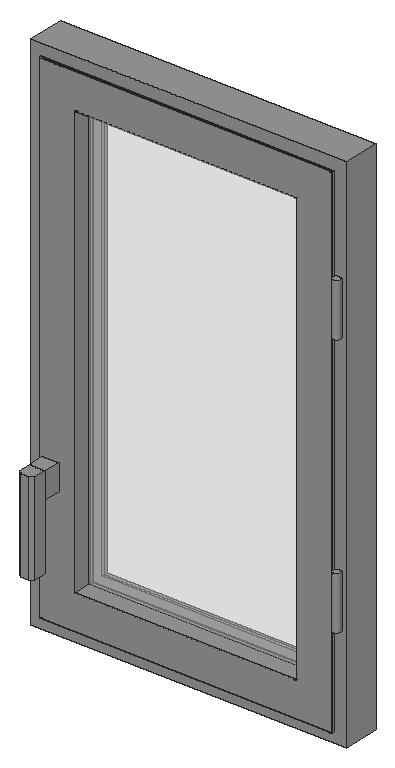
Revit family "2015_Ventana_Alueuropa_Q77_1-Hoja_Practicable-Oscilobatiente", category Windows, host Wall, Revit 2015
Parameters (values of type "600x1000 mm Practicable")
  𝑙𝑔 = 2512
  𝑈𝑤 = ((𝐴𝑔 * 𝑈𝑔) + (𝐴𝑓 * 𝑈𝑓) + ((𝑙𝑔 * Y𝑔) * 1000)) / (𝐴𝑔 + 𝐴𝑓)  # 3.0683
  𝑈𝑔 = 1.9  # constant formula
  𝑈𝑓 = 3.629  # constant formula
  𝐴𝑔 = 354384
  𝐴𝑓 = 245616
  Y𝑔 = 0.11  # constant formula
  VidaUtilEsperada = ""
  VersionElementoBIM = "1.0"  # constant formula
  UnidadMedicion = ""
  UnidadMantenimiento = ""
  Unidad = ""
  Uniclass2.0Titulo = "Door and window systems"  # constant formula
  Uniclass2.0Codigo = "25-30"  # constant formula
  URLProducto = "http://www.alueuropa.com/wp-content/uploads/2013/06/PERFILES-con-menos-foto-pies-de-pagina-en-franc%C3%A9s-10-3.pdf"
  URL Poliamida - Catálogo = "http://www.technoform.com/fileadmin/Technoform_Bautec/standardprofiles.html"
  URL Poliamida = "http://www.technoform.es/"
  URL = "http://www.alueuropa.com/"
  UNSPSCTitulo = "Windows"  # constant formula
  UNSPSCCodigo = "30171600"  # constant formula
  TransmitanciaTermica = 0.0000 W/(m²·K)
  TrabajoMantenimiento = ""
  TipoEmbalajeProteccion = ""
  TiempoMedioEntreFallos = ""
  TelefonoContacto = "+34 91 8955800"  # constant formula
  SalidaEmergencia = no
  ResistenciaFuego = ""
  ResistenciaAlViento = ""
  ResiduosPeligrososPorUnidad = 0
  ResiduosPeligrosos = 0
  ResiduosNoPeligrososPorUnidad = 0
  ResiduosNoPeligrosos = 0
  ResiduoRadioactivoPorUnidad = 0
  ResiduoRadioactivo = 0
  ResiduoInertePorUnidad = 0
  ResiduoInerte = 0
  RepisaInterior = yes
  RepisaExterior = yes
  ReferenciaUnidadFuncional = ""
  ReferenciaLote = ""
  ReferenciaContacto = "Alueuropa S.A."  # constant formula
  Referencia = ""
  PuntoDeContacto = ""
  Proyección Apertura = yes
  Practicable = yes
  Poliamida = Poliamida, Technoform Bautec, PA66 GF 25
  PermeabilidadAlAire = ""
  PeriodoGarantia = ""
  Perimetro = (Width / 1.00 mm * 2) + (Height / 1.00 mm * 2)  # 3200
  Oscilobatiente = no
  Operation = "Practicable"
  OmniclassTitulo = "Casment Window"  # constant formula
  OmniclassCodigo = "23.30.20.17.21.21"  # constant formula
  NumeroSerie = ""
  NumeroArticuloGlobalComercial = ""
  NumeroArticulo = ""
  NormativaMantenimiento = ""
  NivelSeguridad = ""
  Motorizada = no
  Model = "Q77 Practicable"
  MaterialEnvase = ""
  MaterialContenedor = ""
  MateriaPrima = 0
  MasterformatTitulo = "Aluminium Windows"  # constant formula
  MasterformatCodigo = "08 51 13"  # constant formula
  MasaSuperficialKgm2 = 0
  Marco = Aluminio
  Manija = yes
  LugarEnsamblaje = ""
  InstruccionesEspeciales = ""
  InformacionTecnica = "http://www.alueuropa.com/products/"
  IndiceGlobalRedAcusticaTr = ""
  IndiceGlobalRedAcustica = ""
  IdentificadorGarantia = ""
  IFCClasificacion = ""
  GrosorMarco = 77.00 mm  # constant formula
  GarantiaExtendida = ""
  FrecuenciaMantenimiento = ""
  FraccionAreaAcristalamiento = 0.00%
  FormacionFotoquimicaOzonoPorUnidad = 0
  FormacionFotoquimicaOzono = 0
  FechaVencimientoElementoBIM = "23/08/2017"  # constant formula
  FechaInstalacion = ""
  FechaInicioGarantia = ""
  FechaFinGarantia = ""
  FechaEvaluacion = ""
  FechaEmisionElementoBIM = "23/08/2016"  # constant formula
  FechaCompra = ""
  FaseCicloVida = ""
  FaltaDeRecursosPorUnidad = 0
  FaltaDeRecursos = 0
  FactorSombra = 0
  FactorSolarModificado = 3000000
  Manufacturer = "Alueuropa S.A."  # constant formula
  Exclusiones = ""
  EutrofizacionPorUnidad = 0
  Eutrofizacion = 0
  EtiquetaModelo = ""
  EstanqueidadAgua = ""
  Estado = ""
  EnergiaRenovableConsumidaPorUnidad = 0
  EnergiaRenovableConsumida = 0
  EnergiaPrimariaTotalConsumidaPorUnidad = 0
  EnergiaPrimariaTotalConsumida = 0
  EnergiaNoRenovableConsumidaPorUnidad = 0
  EnergiaNoRenovableConsumida = 0
  EmisionCO2 = 0
  EmailContacto = "ventas@alueuropa.com"  # constant formula
  DuracionVidaUtil = ""
  Detalle Perfileria = yes
  DestruccionCapaOzonoEstratosfericaPorUnidad = 0
  DestruccionCapaOzonoEstratosferica = 0
  DesfaseInterior [instance] = 0.00 mm
  DesfaseExterior [instance] = 0.00 mm
  Desfase Acristalamiento = 13.00 mm  # constant formula
  Description = "Ventana Practicable"
  DescripcionEvaluacion = ""
  CosteMantenimiento = 0
  CosteEnergeticoMj = 0 J
  CosteEnergeticoKwh = 0
  ControlHumos = no
  ContenidoGarantia = ""
  ConfiguracionPoliamidas = "273800 - 493700 - 493800 "  # constant formula
  CondicionesMantenimiento = ""
  CondicionesGeneralesDeContratacion = ""
  CondicionesEvaluacion = ""
  Type Comments = "Sistema de Ventana con Rotura de Puente Térmico Q77 Practicable."
  CodigoBedec = ""
  CodigoBarras = ""
  CertificadoMantenimiento = ""
  CerramientoExterior = yes
  CambioClimaticoPorUnidad = 0
  CambioClimatico = 0
  COBieCategoria = ""
  Rough Width = Altura Real + 5.00 mm  # 1005.00 mm
  Aperturas Oscilobatiente [instance] = if(and(Aperturas, Oscilobatiente), 1 = 1, 1 = 0)  # no
  Aperturas [instance] = yes
  Anchura Real = if(Width > Anchura Máxima, Anchura Máxima, Width)  # 600.00 mm
  Anchura Máxima = 5000.00 mm  # constant formula
  Rough Height = Anchura Real + 5.00 mm  # 605.00 mm
  Altura Real = if(Height > Altura Máxima, Altura Máxima, Height)  # 1000.00 mm
  Altura Máxima = 5000.00 mm  # constant formula
  GrosorAcristalamiento = 30.00 mm  # constant formula
  Height = 1000.00 mm
  Bimetica = "http://www.bimetica.com"
  AñoProduccion = ""
  Autor = "Bimetica Parametric Design Services, S.L."  # constant formula
  Area = (Width * Height)  # 600000.00 mm²
  Altura de antepecho por defecto = 800.00 mm
  Wall Closure = By host
  Width = 600.00 mm
  AguaConsumidaPorUnidad = 0
  AguaConsumida = 0
  Acristalamiento = Cristal - Vidrio claro templado
  AcidificacionAtmosfericaPorUnidad = 0
  AcidificacionAtmosferica = 0
  Acabado = ""
Types (3, lengths in mm): name | Oscilobatiente | Operation | Model | Description | Type Comments | Aperturas Oscilobatiente
  (no name) | no | "Practicable" | "Q77 Practicable" | "Ventana Practicable" | "Sistema de Ventana con Rotura de Puente Térmico Q77 Practicable." | no
  600x1000 mm Practicable | no | "Practicable" | "Q77 Practicable" | "Ventana Practicable" | "Sistema de Ventana con Rotura de Puente Térmico Q77 Practicable." | no
  600x1000 mm Oscilobatiente | yes | "Oscilobatiente" | "Q77 Oscilobatiente" | "Ventana Oscilobatiente" | "Sistema de Ventana con Rotura de Puente Térmico Q77 Oscilobatiente." | yes
Reference planes
  plane 1 "Centro (Frontal/Posterior)": y = 444.549
  plane 2 "Centro (Izquierda/Derecha)": x = 0
  plane 3 "Izquierda": x = -300
  plane 4 "Derecha": x = 300
  plane 5 "Antepecho": z = 800
  plane 6 "Extremo inicial": z = 1800
  plane 7 "Exterior": y = 521.549
  plane 8 "Interior": y = 521.549
  plane 9 "Media Altura": z = 1300
Forms (mm)
  Sweep 1, solid, material "Aluminio" <- "Marco"
    path origin (0, 521.549, 0) x (1, 0, 0) y (0, 0, 1)
      loop
        line (300, 800) -> (300, 1800) -> (-300, 1800) -> (-300, 800) -> (300, 800)
    profile origin (300, 521.549, 1300) x (-1, 0, 0) y (0, -1, 0)
      loop
        line (0, 0) -> (49.297, 0) -> (49.297, 3.5) -> (27.4, 3.5) -> (27.4, 70) -> (0, 70) -> (0, 0)
  Extrusion 2, solid, material "Cristal - Vidrio claro templado" <- "Acristalamiento"
    sketch origin (0, 521.549, 0) x (1, 0, 0) y (0, 0, 1)
      loop
        line (228.01, 1727.9) -> (-228.01, 1727.9) -> (-228.01, 871.99) -> (228.01, 871.99) -> (228.01, 1727.9)
    from 43 to 13
  Sweep 3, solid, material "Aluminio" <- "Marco"
    path origin (0, 521.549, 0) x (1, 0, 0) y (0, 0, 1)
      loop
        line (-300, 800) -> (300, 800) -> (300, 1800) -> (-300, 1800) -> (-300, 800)
    profile origin (-300, 521.549, 1300) x (-1, 0, 0) y (0, -1, 0)
      loop
        line (-54.3, 0) -> (-54.3, 5.8) -> (-50.582, 5.8) -> (-49.472, 4.8) -> (-45.478, 4.8) -> (-45.478, 6.346) -> (-47.2, 6.346) -> (-47.2, 48.1) -> (-38.9, 48.1) -> (-38.9, 73.5) -> (-21.4, 73.5) -> (-21.4, 76)
        arc (-21.4, 76) -> (-21.692, 76.706) -> (-22.398, 77) r 1
        line (-22.398, 77) -> (-88.599, 77)
        arc (-88.599, 77) -> (-88.953, 76.853) -> (-89.1, 76.5) r 0.5
        line (-89.1, 76.5) -> (-89.1, 43.5)
        arc (-89.1, 43.5) -> (-88.953, 43.147) -> (-88.637, 43) r 0.5
        line (-88.637, 43) -> (-86.603, 43) -> (-86.603, 60.6) -> (-67.178, 60.6) -> (-67.178, 55.89) -> (-62.1, 55.89) -> (-62.1, 8.218) -> (-73.921, 8.218) -> (-73.921, 13) -> (-89.1, 13) -> (-89.1, 6) -> (-88.785, 0) -> (-54.3, 0)
  Extrusion 4, solid, material "Aluminio" <- "Marco", visible <- "Manija", detail levels fine
    sketch origin (0, 0, 800) x (0, -1, 0) y (1, 0, 0)
      loop
        line (-444.549, -241.1) -> (-444.549, -273.1) -> (-412.449, -271.35) -> (-412.449, -270.032) -> (-411.446, -270.032) -> (-411.446, -244.1) -> (-412.449, -244.1) -> (-412.449, -242.782) -> (-444.549, -241.1)
    from 250 to 300
  Extrusion 5, solid, material "Aluminio" <- "Marco", visible <- "Manija", detail levels fine
    sketch origin (0, 0, 800) x (0, -1, 0) y (1, 0, 0)
      loop
        line (-411.446, -271.295) -> (-388.796, -271.295) -> (-382.327, -264.827) -> (-382.327, -249.303) -> (-388.796, -242.835) -> (-411.446, -242.835) -> (-411.446, -271.295)
    from 125 to 300
  Extrusion 6, solid, material "Aluminio" <- "Marco", detail levels medium+fine
    sketch origin (0, 0, 800) x (0, -1, 0) y (1, 0, 0)
      loop
        line (-449.674, 291.378) -> (-451.549, 287.989) -> (-451.549, 280.989) -> (-443.549, 280.989)
        arc (-443.549, 280.989) -> (-437.519, 291.544) -> (-449.674, 291.378) r 7
    from 200 to 300
  Extrusion 7, solid, material "Aluminio" <- "Marco", visible <- "Manija", detail levels medium+fine
    sketch origin (0, 0, 800) x (0, -1, 0) y (1, 0, 0)
      loop
        line (-449.674, 291.378) -> (-451.549, 287.989) -> (-451.549, 280.989) -> (-443.549, 280.989)
        arc (-443.549, 280.989) -> (-437.519, 291.544) -> (-449.674, 291.378) r 7
    from 200 to 300
  Extrusion 8, solid, material "Aluminio" <- "Marco", visible <- "Manija", detail levels medium+fine
    sketch origin (0, 0, 1800) x (0, 1, 0) y (1, 0, 0)
      loop
        arc (449.674, 291.378) -> (437.519, 291.544) -> (443.549, 280.989) r 7
        line (443.549, 280.989) -> (451.549, 280.989) -> (451.549, 287.989) -> (449.674, 291.378)
    from 200 to 300
Lines and regions (mm)
  Opening 1
    outline origin (-5187.24, 321.549, 0) x (1, 0, 0) y (0, 0, 1)
      loop
        line (5487.24, 800) -> (5487.24, 1800) -> (4887.24, 1800) -> (4887.24, 800) -> (5487.24, 800)
  reference lines
    curve 1: line (0, 521.549, 800) -> (0, 444.549, 800)
  symbolic lines, style "Batiente de alzado", visible <- "Aperturas Oscilobatiente"
    curve 2: line (280, 521.549, 820) -> (0, 521.549, 1780)
    curve 3: line (0, 521.549, 1780) -> (-280, 521.549, 820)
  symbolic lines, style "WindowsGlassProjection", detail levels fine
    curve 4: line (-228.01, 500.549, 1300) -> (228.01, 500.549, 1300)
    curve 5: line (-228.01, 484.549, 1300) -> (228.01, 484.549, 1300)
  symbolic lines, style "Batiente de alzado", visible <- "Aperturas"
    curve 6: line (300, 521.549, 1800) -> (-300, 521.549, 1300)
    curve 7: line (-300, 521.549, 1300) -> (300, 521.549, 800)
  symbolic lines, style "WindowsGlassProjection", detail levels medium+fine
    curve 8: line (-300, 500.549, 1727.9) -> (-300, 500.549, 871.99)
    curve 9: line (-300, 484.549, 1727.766) -> (-300, 484.549, 871.856)
Text (mm)
  text "EXTERIOR" at (-1963.203, 1332.353, 0), in view "Nivel de referencia"
  text "INTERIOR" at (-1981.466, -818.386, 0), in view "Nivel de referencia"
  text "Exterior" at (0, 923.751, 2943.296), in view "Derecha"
  text "Exterior" at (0, 1040.484, 2685.409), in view "Izquierda"
Dimensions and locks
  equal spacing: plane 3 "Izquierda", plane 2 "Centro (Izquierda/Derecha)", plane 4 "Derecha"
  "Width": plane 3 "Izquierda" to plane 4 "Derecha"
  "Height": plane 5 "Antepecho" to plane 6 "Extremo inicial"
  "Altura de antepecho por defecto": plane 5 "Antepecho" to level
  "DesfaseExterior": host wall to plane 7 "Exterior"
  "DesfaseInterior": plane 8 "Interior" to plane 7 "Exterior"
  "GrosorMarco": plane 1 "Centro (Frontal/Posterior)" to plane 8 "Interior"
  "GrosorAcristalamiento": Extrusion 2 to Extrusion 2
  "Desfase Acristalamiento": plane 8 "Interior" to Extrusion 2
  locked: Sweep 1 sketch curve to plane 1 "Centro (Frontal/Posterior)" at 7
  locked: Sweep 1 sketch curve to plane 4 "Derecha" at 49.297
  equal spacing: plane 5 "Antepecho", plane 9 "Media Altura", plane 6 "Extremo inicial"
  equal spacing: Extrusion 2, curve 4, curve 5
  locked: Sweep 1 sketch curve to plane 4 "Derecha" at 27.4
  locked: plane 1 "Centro (Frontal/Posterior)" to Sweep 1 sketch curve at 73.5
  "Desfase Acristalamiento": Sweep 3 sketch curve to profile plane
  "GrosorAcristalamiento": Sweep 3 sketch curve to Sweep 3 sketch curve
  plane 1 "Centro (Frontal/Posterior)" to Sweep 3 sketch curve to Sweep 3 sketch curve = 3.50 mm locked, 25.40 mm locked
  plane 1 "Centro (Frontal/Posterior)" to Sweep 3 sketch curve to Sweep 3 sketch curve = 16.40 mm locked, 4.71 mm locked
  Sweep 3 sketch curve to Sweep 3 sketch curve to Sweep 3 sketch curve to plane 8 "Interior" = 0.546 mm locked, 1.00 mm locked, 4.80 mm locked
  plane 3 "Izquierda" to Sweep 3 sketch curve to Sweep 3 sketch curve to Sweep 3 sketch curve to Sweep 3 sketch curve to Sweep 3 sketch curve to Sweep 3 sketch curve to Sweep 3 sketch curve to Sweep 3 sketch curve to Sweep 3 sketch curve to Sweep 3 sketch curve to Sweep 3 sketch curve to Sweep 3 sketch curve = 21.40 mm locked, 17.50 mm locked, 6.579 mm locked, 1.721 mm locked, 2.272 mm locked, 1.111 mm locked, 3.718 mm locked, 7.80 mm locked, 5.078 mm locked, 19.425 mm locked, 2.182 mm locked, 0.314 mm locked
  Extrusion 4 sketch curve to Extrusion 4 sketch curve to Extrusion 4 sketch curve to Extrusion 4 sketch curve to Extrusion 4 sketch curve to Extrusion 4 sketch curve = 1.682 mm locked, 1.318 mm locked, 25.932 mm locked, 1.318 mm locked, 1.75 mm locked
  locked: Extrusion 4 sketch curve to Extrusion 4 sketch curve at 1.003
  Extrusion 5 sketch curve to Extrusion 5 sketch curve to Extrusion 5 sketch curve to Extrusion 5 sketch curve = 6.468 mm locked, 15.524 mm locked, 6.468 mm locked
  Extrusion 5 sketch curve to Extrusion 5 sketch curve to Extrusion 5 sketch curve to Extrusion 5 sketch curve = 6.468 mm locked, 0.00 mm locked, 22.65 mm locked
  Extrusion 6 sketch curve to Extrusion 6 sketch curve = 8.00 mm
  locked: Extrusion 6 sketch curve to Extrusion 6 sketch curve at 7
  Extrusion 7 sketch curve to Extrusion 7 sketch curve = 8.00 mm
  locked: Extrusion 7 sketch curve to Extrusion 7 sketch curve at 7
  Extrusion 8 sketch curve to Extrusion 8 sketch curve = 8.00 mm
  locked: Extrusion 8 sketch curve to Extrusion 8 sketch curve at 7
  locked: plane 3 "Izquierda" to Extrusion 2 at 71.99
  locked: Extrusion 2 to plane 4 "Derecha" at 71.99
  locked: Extrusion 2 to curve 5 at 6
  locked: Extrusion 2 to curve 4 at 8
  locked: curve 9 to Extrusion 2 at 6
  locked: Extrusion 2 to curve 8 at 8
  locked: Extrusion 2 to plane 6 "Extremo inicial" at 72.1
  locked: plane 5 "Antepecho" to Extrusion 2 at 71.99
  aligned and locked: plane 6 "Extremo inicial" to Opening 1 sketch curve
  aligned and locked: Opening 1 sketch curve to plane 5 "Antepecho"
  aligned and locked: plane 4 "Derecha" to Opening 1 sketch curve
  aligned and locked: Opening 1 sketch curve to plane 3 "Izquierda"
  aligned and locked: plane 6 "Extremo inicial" to Sweep 1 sketch curve
  aligned and locked: Sweep 1 sketch curve to plane 5 "Antepecho"
  aligned and locked: Sweep 1 sketch curve to plane 3 "Izquierda"
  aligned and locked: plane 4 "Derecha" to Sweep 1 sketch curve
  aligned and locked: Sweep 1 sketch curve to plane 4 "Derecha"
  aligned and locked: Sweep 1 sketch curve to plane 8 "Interior"
  aligned and locked: plane 2 "Centro (Izquierda/Derecha)" to curve 1
  aligned and locked: plane 1 "Centro (Frontal/Posterior)" to curve 1
  aligned and locked: plane 8 "Interior" to curve 1
  aligned and locked: Extrusion 2 to curve 4  (x2)
  aligned and locked: nested 2 to plane 4 "Derecha"
  aligned and locked: nested 2 to plane 1 "Centro (Frontal/Posterior)"
  aligned and locked: nested 1 to plane 3 "Izquierda"
  aligned and locked: plane 1 "Centro (Frontal/Posterior)" to nested 1
  aligned and locked: plane 5 "Antepecho" to Sweep 3 sketch curve
  aligned and locked: Sweep 3 sketch curve to plane 6 "Extremo inicial"
  aligned and locked: plane 3 "Izquierda" to Sweep 3 sketch curve  (x2)
  aligned and locked: plane 4 "Derecha" to Sweep 3 sketch curve  (x2)
  aligned and locked: plane 6 "Extremo inicial" to Sweep 3 sketch curve
  aligned and locked: Sweep 3 sketch curve to host wall
  aligned and locked: plane 1 "Centro (Frontal/Posterior)" to Sweep 3 sketch curve
  aligned and locked: plane 8 "Interior" to Sweep 3 sketch curve
  aligned and locked: Extrusion 4 sketch curve to Extrusion 4 sketch curve
  aligned and locked: Extrusion 2 to curve 5  (x2)
  aligned and locked: plane 9 "Media Altura" to curve 7
  aligned and locked: plane 3 "Izquierda" to curve 7
  aligned and locked: plane 6 "Extremo inicial" to curve 6
  aligned and locked: plane 4 "Derecha" to curve 6
  aligned and locked: plane 5 "Antepecho" to curve 7
  aligned and locked: plane 4 "Derecha" to curve 7
  aligned and locked: nested 3 to plane 6 "Extremo inicial"
  aligned and locked: nested 3 to plane 1 "Centro (Frontal/Posterior)"
  aligned and locked: plane 1 "Centro (Frontal/Posterior)" to nested 4
  aligned and locked: nested 4 to plane 5 "Antepecho"
  aligned and locked: Extrusion 2 to curve 8  (x2)
Automatic sketch dimensions
  plane 2 "Centro (Izquierda/Derecha)" to curve 3 = 0.00 mm
  curve 3 to plane 3 "Izquierda" = 20.00 mm
  curve 3 to plane 5 "Antepecho" = 20.00 mm
  plane 6 "Extremo inicial" to curve 3 = 20.00 mm
  plane 4 "Derecha" to curve 2 = 20.00 mm
  curve 2 to plane 5 "Antepecho" = 20.00 mm
  Extrusion 2 sketch curve to plane 3 "Izquierda" = 71.99 mm
  plane 4 "Derecha" to Extrusion 2 sketch curve = 71.99 mm
  Extrusion 2 sketch curve to plane 5 "Antepecho" = 71.99 mm
  plane 6 "Extremo inicial" to Extrusion 2 sketch curve = 72.10 mm
  plane 1 "Centro (Frontal/Posterior)" to Extrusion 4 sketch curve = 0.00 mm
  Extrusion 4 sketch curve to plane 1 "Centro (Frontal/Posterior)" = 32.10 mm
  plane 3 "Izquierda" to Extrusion 4 sketch curve = 58.90 mm
  Extrusion 5 sketch curve to plane 1 "Centro (Frontal/Posterior)" = 33.102 mm
  plane 3 "Izquierda" to Extrusion 5 sketch curve = 57.165 mm
  plane 1 "Centro (Frontal/Posterior)" to Extrusion 6 sketch curve = 7.00 mm
  Extrusion 6 sketch curve to Extrusion 6 sketch curve = 1.875 mm
  Extrusion 6 sketch curve to plane 4 "Derecha" = 8.622 mm
  Extrusion 6 sketch curve to Extrusion 6 sketch curve = 3.389 mm
  plane 1 "Centro (Frontal/Posterior)" to Extrusion 7 sketch curve = 7.00 mm
  Extrusion 7 sketch curve to Extrusion 7 sketch curve = 1.875 mm
  Extrusion 7 sketch curve to plane 4 "Derecha" = 8.622 mm
  Extrusion 7 sketch curve to Extrusion 7 sketch curve = 3.389 mm
  plane 1 "Centro (Frontal/Posterior)" to Extrusion 8 sketch curve = 1.00 mm
  Extrusion 8 sketch curve to Extrusion 8 sketch curve = 1.875 mm
  plane 4 "Derecha" to Extrusion 8 sketch curve = 8.622 mm
  Extrusion 8 sketch curve to Extrusion 8 sketch curve = 3.389 mm
  curve 9 to curve 8 = 0.134 mm  (x2)
  Sweep 3 sketch curve to Sweep 3 sketch curve = 2.497 mm
  Sweep 3 sketch curve to Sweep 3 sketch curve = 0.50 mm  (x3)
  Sweep 3 sketch curve to Sweep 3 sketch curve = 11.821 mm
  Sweep 3 sketch curve to Sweep 3 sketch curve = 1.00 mm
  Sweep 3 sketch curve to Sweep 3 sketch curve = 0.002 mm
  plane 8 "Interior" to Sweep 3 sketch curve = 6.00 mm
  Sweep 3 sketch curve to Sweep 3 sketch curve = 2.418 mm
  Sweep 3 sketch curve to Sweep 3 sketch curve = 0.037 mm  (x2)
Nested families
  nested 1: "Q77_Detalle-Carpintería-Marco y Hoja Practicable" at (-300, 444.549, 800), type "Marco y Hoja Practicable", detail levels medium+fine
  nested 2: "Q77_Detalle-Carpintería-Marco y Hoja Practicable" at (300, 444.549, 800) x (-1, 0, 0) z (0, 0, 1), type "Marco y Hoja Practicable", detail levels medium+fine
  nested 3: "Q77_Detalle-Carpintería-Marco y Hoja Practicable" at (-300, 444.549, 1800) x (0, 0, -1) z (-1, 0, 0), type "Marco y Hoja Practicable", detail levels medium+fine
  nested 4: "Q77_Detalle-Carpintería-Marco y Hoja Practicable" at (-300, 444.549, 800) x (0, 0, 1) z (-1, 0, 0), visible <- "Detalle Perfileria", type "Marco y Hoja Practicable", detail levels medium+fine
Definition of nested family "Q77_Detalle-Carpintería-Marco y Hoja Practicable"
  Parameters (values of type "Marco y Hoja Practicable")
    URL = "http://www.alueuropa.com/"
    Model = "Q77"  # constant formula
    Marco y Hoja Practicable = yes
    FechaVencimientoElementoBIM = "01/01/2017"  # constant formula
    FechaEmisionElementoBIM = "23/08/2016"  # constant formula
    Manufacturer = "Alueuropa S.A."  # constant formula
    Description = "Detalle carpintería Q77_Marco y Hoja Practicable"
    Bimetica = "http://www.bimetica.com"
    Autor = "Bimetica Parametric Design Services, S.L."  # constant formula
  Reference planes
    plane 1 "Centro (Frontal/Posterior)": y = 0
    plane 2: z = 0
    plane 3 "Centro (Izquierda/Derecha)": x = 0
  Lines and regions (mm)
    Masking region 1, in view "Nivel de referencia", visible <- "Marco y Hoja Practicable"
      outline origin (0, 0, 0) x (1, 0, 0) y (0, 1, 0)
        loop
          line (0, 7) -> (21.4, 7) -> (21.4, 1)
          arc (21.4, 1) -> (21.692, 0.294) -> (22.398, 0) r 1
          line (22.398, 0) -> (88.599, 0)
          arc (88.599, 0) -> (88.953, 0.146) -> (89.1, 0.5) r 0.5
          line (89.1, 0.5) -> (89.1, 30.4) -> (86.639, 30.4) -> (86.639, 21.11) -> (62.1, 21.11) -> (62.1, 65.744) -> (89.104, 65.744) -> (89.104, 70.932) -> (88.785, 77) -> (54.3, 77) -> (54.3, 71.2) -> (50.606, 71.2) -> (49.3, 72.376) -> (49.3, 76.5)
          arc (49.3, 76.5) -> (49.154, 76.854) -> (48.8, 77) r 0.5
          line (48.8, 77) -> (0, 77) -> (0, 7)
  Dimensions and locks
    locked: plane 1 "Centro (Frontal/Posterior)" to Masking region 1 sketch curve at 7
    aligned and locked: plane 3 "Centro (Izquierda/Derecha)" to import instance
    aligned and locked: plane 1 "Centro (Frontal/Posterior)" to import instance
